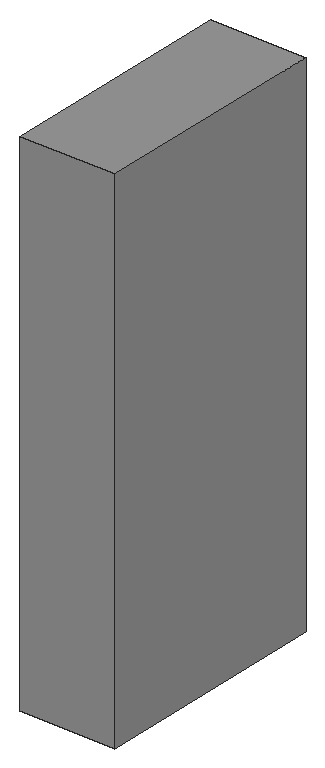
Revit family "PRE080026-FR", category Appareils sanitaires, Revit 2017
Family settings
  Cote de connecteur circulaire = Utiliser le diamètre
  Type d'élément = Normal
  Basée sur le plan de construction = Non
  Toujours verticalement = Oui
  Couper avec des vides une fois chargée = Non
  Partagée = Non
  Point de calcul de pièce = Non
Parameters (values of type "70828 PRESTO CHEF Colonne deux trous sur plage avec douchette et bec de remplissage")
  Variantes = "70828"
  Product data url = "https://www.bimobject.com/presto/product/pre080026"
  Product Guid = "75823008-ad45-4655-8c87-8420e3ee1b5c"
  LC = 15 mm
  Garantie = ""
  URL Fabricant = "http://www.prestodatashare.com/centretelechargement/index.php?lang=FR&refs=70828"
  URL = "http://www.prestodatashare.com/centretelechargement/index.php?lang=FR&refs=70828"
  Lien notice d'utilisation = "http://www.prestodatashare.com/centretelechargement/index.php?lang=FR&refs=70828"
  Lien fiche produit = "http://www.prestodatashare.com/espacedoc/Fiches_Techniques/FR/70828.pdf"
  Reference = "70828"
  Pression = ""
  Polantis code = "PRE080026"
  Perte de charge = 0.0 Pa
  Profondeur = 543 mm
  Modèle = "70828 PRESTO CHEF Colonne deux trous sur plage avec douchette et bec de remplissage"
  Matériau = Laiton poli chromé
  Lien CCTP = "http://www.prestodatashare.com/centretelechargement/index.php?lang=FR&refs=70828"
  Largeur = 215 mm
  PC = 150 mm
  Hauteur = 1171 mm
  Fonction = "Robinet tête céramique 1/4 de tour avec bec de remplissage Lg 300 mm - orientable\nDouchette noire M 1/2'' avec surface de préhension limitant les risques de brûlures\nDébit de douchette : 12L/Min (régulé) - Jet réglable par l'utilisateur : concentré ou mouillage - Embout de douchette anti-tartre - Crochet de blocage pour écoulement\ncontinu - clapet anti-retour NF intégré\nBrise-jet anti-tartre interchangeable\nRessort de guidage pour flexible en inox\nSupport mural réglable, recoupable de 60 à 200 mm (de la colonne au mur)\nSupport de douchette ajustable à gauche ou à droite\n\nPression d'utilisation recommandée : 1 à 5 bars\n\nDébit : 30L/min à 3 bar\n\nAlimentation hydraulique : G 1/2'' (15x 21)\n\nMatière et couleur de finition :\nCorps, bec et colonne en laiton chromé\nMatière conforme avec la liste \"UBA\"\n\nRésistance thermique : Résiste à une température de 75° C durant 30 minutes (dans le cadre de chocs thermiques).\n\nLivré avec :\nColonnettes avec écrou\n2 filtres\n1 flexible (de douchette) tressé inox entouré d'une gaine PVC, résistant à des températures allant jusqu'à 90°C. Température d'utilisation en service à 70°C maximum\nen continu"
  Flux = 0.0316667 L/s
  Finition = "Corps en laiton chromé conforme aux normes NF EN1982/ NF EN 12164 / NF EN 12165\nTraitement de surface Nickel-Chrome selon NF EN12540\nRésistance au brouillard salin neutre (NSS) : 200 h selon NF ISO 9240"
  Fabricant = "LES ROBINETS PRESTO S.A."
  Edition number = 0
  Diamètre Nominal = 15 mm
  Description = "Produit résistant à un usage intensif\nSouplesse du ressort\nDouchette ergonomique avec fonction écoulement continu, et surface de préhension limitant les risques de brûlure. Embout permettant d'absorber les chocs\nRemplissage rapide de cuves : 30L/min à 3 bar\nInterface corps/colonne renforcé\nVolants intuitifs et ergonomiques : facilité de préhension\nSupport mural réglable\nCrochet de blocage pour éviter les TMS (trouble musculo squeletiques)\nFlexible de douchette gaine PVC pour éviter les niches bactériennes et faciliter le nettoyage\nMaintenance aisée : présence d'une fente sous la pastile rouge/bleue permettant le passage d'un tournevis\nFacilité de maintenance : disponibilité de toutes les pièces d'usure\nBrise-jet pour canaliser l'eau et éviter les projections d'eau latérales"
  Debit = "1,9l/min avec limiteur de débit intégré\r (sprayer)\r\n Dispositif anti-coup de bélier\r\r\n Brise-jet : anti-vandalisme et anti-bouchage"
  Raccordement = "2xG1/2 entraxe 150 dessous milieu"
  Adresse = "7, RUE RACINE - 92542 MONTROUGE CEDEX FRANCE"
Reference planes
  plane 1 "Centre (avant/arrière)": y = 0
  plane 2: z = 0
  plane 3 "Centre (gauche/droite)": x = 0
  plane 4: y = -543
  plane 5: x = 215
  plane 6: z = 1171
  plane 7: x = 107.5
  plane 8: z = 1
  plane 9: y = -150
  plane 10: x = 15
  plane 11: x = 200
Forms (mm)
  Extrusion 1, solid, material "Laiton poli chromé" <- "Matériau", detail levels fine
    sketch origin (0, 0, 0) x (1, 0, 0) y (0, 1, 0)
      loop
        line (0, 0) -> (0, -543) -> (215, -543) -> (215, 0) -> (0, 0)
    from 0 to 1171
  Extrusion 2, solid, material "Laiton poli chromé" <- "Matériau", detail levels fine
    sketch origin (0, 0, 0) x (1, 0, 0) y (0, 1, 0)
      loop
        circle (15, -150) r 5
    from 0 to 1
  Extrusion 3, solid, material "Laiton poli chromé" <- "Matériau", detail levels fine
    sketch origin (0, 0, 0) x (1, 0, 0) y (0, 1, 0)
      loop
        circle (200, -150) r 5
    from 0 to 1
Cuts and joins
  joined: Extrusion 1, Extrusion 2, Extrusion 3
Dimensions and locks
  "Profondeur": plane 1 "Centre (avant/arrière)" to plane 4
  "Largeur": plane 3 "Centre (gauche/droite)" to plane 5
  "Hauteur": plane 6 to level
  equal spacing: plane 3 "Centre (gauche/droite)", plane 7, plane 5
  locked: plane 8 to plane 2 at 1
  "PC": plane 1 "Centre (avant/arrière)" to plane 9
  "LC": plane 3 "Centre (gauche/droite)" to plane 10
  "LC": plane 11 to plane 5
  aligned and locked: level to plane 2
  aligned and locked: plane 1 "Centre (avant/arrière)" to Extrusion 1 sketch curve
  aligned and locked: plane 3 "Centre (gauche/droite)" to Extrusion 1 sketch curve
  aligned and locked: plane 4 to Extrusion 1 sketch curve
  aligned and locked: plane 5 to Extrusion 1 sketch curve
  aligned and locked: plane 6 to Extrusion 1
  aligned and locked: plane 8 to Extrusion 2
  aligned and locked: plane 8 to Extrusion 3
  aligned and locked: nested 1 to plane 9
  aligned and locked: plane 7 to nested 1
  aligned and locked: plane 6 to nested 2
  aligned and locked: plane 7 to nested 2
  aligned and locked: nested 2 to plane 4
Automatic sketch dimensions
  Extrusion 2 sketch curve to plane 9 = 0 mm
  Extrusion 2 sketch curve to plane 10 = 0 mm
  Extrusion 3 sketch curve to plane 9 = 0 mm
  Extrusion 3 sketch curve to plane 11 = 0 mm
  radius of Extrusion 2 sketch curve = 5 mm
  radius of Extrusion 3 sketch curve = 5 mm
Nested families
  nested 1: "SymboliqueA6" at (0, -150, 0) x (0, 1, 0) z (0, 0, 1), type "SymboliqueA6", detail levels coarse+medium
  nested 2: "S2DA6" at (215, -271.5, 0) x (0, 1, 0) z (0, 0, 1), type "S2DA6", detail levels coarse+medium
Connectors
  piping at (15, -150, 0), diameter 15, driven by "Diamètre Nominal", driven by "Flux", driven by "Perte de charge"
    settings: on Extrusion 2, index 3, connector inside diameter 609.6 mm, connector length 0 mm, flow factor 0, pipe flow 0.0316667 L/s, pressure drop 0.0 Pa, fitting loss kfactor 0, connector angle 0.00°, fixture units 0, engagement length 0 mm, angle of deflection 0.00°, flow configuration 0, flow direction 1, fitting loss method 4, system type 19, joint type 0, gender type 0, connector reference index -1, connector utility 0, adjustable connector no, is connector primary yes, connector description ""
  piping at (200, -150, 0), diameter 15, driven by "Flux", driven by "Perte de charge", driven by "Diamètre Nominal"
    settings: on Extrusion 3, index 4, connector inside diameter 609.6 mm, connector length 0 mm, flow factor 0, pipe flow 0.0316667 L/s, pressure drop 0.0 Pa, fitting loss kfactor 0, connector angle 0.00°, fixture units 0, engagement length 0 mm, angle of deflection 0.00°, flow configuration 0, flow direction 1, fitting loss method 4, system type 20, joint type 0, gender type 0, connector reference index -1, connector utility 0, adjustable connector no, is connector primary no, connector description ""
Definition of nested family "SymboliqueA6"
  Parameters (values of type "SymboliqueA6")
    V = yes
    P = 1000 mm
    L = 1000 mm
    H = 1000 mm
  Reference planes
    plane 1 "Centre (avant/arrière)": y = 0
    plane 2: z = 0
    plane 3 "Centre (gauche/droite)": x = 0
    plane 4: y = -1000
    plane 5: x = -500
    plane 6: x = 500
    plane 7: z = 1000
    plane 8: z = 500
    plane 9: y = -500
  Lines and regions (mm)
    model lines
      curve 1: line (0, -1000, 1000) -> (0, 0, 0)
      curve 2: line (0, 0, 0) -> (0, -1000, 0)
      curve 3: line (0, -1000, 0) -> (0, 0, 1000)
      curve 4: line (0, 0, 1000) -> (0, -1000, 1000)
  Dimensions and locks
    "H": plane 7 to plane 2
    equal spacing: plane 5, plane 3 "Centre (gauche/droite)", plane 6
    "L": plane 5 to plane 6
    equal spacing: plane 7, plane 8, level
    equal spacing: plane 4, plane 9, plane 1 "Centre (avant/arrière)"
    "P": plane 1 "Centre (avant/arrière)" to plane 4
    aligned and locked: level to plane 2
  Automatic sketch dimensions
    curve 3 to level = 0 mm
    curve 1 to plane 1 "Centre (avant/arrière)" = 0 mm
    curve 1 to plane 7 = 0 mm
    curve 3 to plane 4 = 0 mm
    curve 3 to plane 1 "Centre (avant/arrière)" = 0 mm
    curve 4 to plane 4 = 0 mm
Definition of nested family "S2DA6"
  Parameters (values of type "S2DA6")
    P = 788.322 mm
    L = 1600 mm
    H = 1250.021 mm
  Reference planes
    plane 1 "Centre (avant/arrière)": y = 0
    plane 2: z = 0
    plane 3 "Centre (gauche/droite)": x = 0
    plane 4: y = 788.322
    plane 5: x = -800
    plane 6: x = 800
    plane 7: y = 394.161
    plane 8: z = 1250.021
    plane 9: z = 625.01
  Lines and regions (mm)
    symbolic lines
      curve 1: line (-800, 788.322, 0) -> (800, 0, 0)
      curve 2: line (800, 0, 0) -> (800, 788.322, 0)
      curve 3: line (800, 788.322, 0) -> (-800, 0, 0)
      curve 4: line (-800, 0, 0) -> (-800, 788.322, 0)
      curve 5: line (800, 0, 1250.021) -> (-800, 0, 1250.021)
      curve 6: line (-800, 0, 1250.021) -> (800, 0, 0)
      curve 7: line (800, 0, 0) -> (-800, 0, 0)
      curve 8: line (800, 0, 1250.021) -> (-800, 0, 0)
      curve 9: line (0, 788.322, 0) -> (0, 0, 1250.021)
      curve 10: line (0, 0, 1250.021) -> (0, 788.322, 1250.021)
      curve 11: line (0, 788.322, 1250.021) -> (0, 0, 0)
      curve 12: line (0, 0, 0) -> (0, 788.322, 0)
  Dimensions and locks
    equal spacing: plane 5, plane 3 "Centre (gauche/droite)", plane 6
    equal spacing: plane 1 "Centre (avant/arrière)", plane 7, plane 4
    "P": plane 1 "Centre (avant/arrière)" to plane 4
    "L": plane 5 to plane 6
    equal spacing: plane 8, plane 9, level
    "H": plane 8 to plane 2
    aligned and locked: level to plane 2
  Automatic sketch dimensions
    plane 1 "Centre (avant/arrière)" to curve 3 = 0 mm
    curve 1 to plane 4 = 0 mm
    curve 3 to plane 4 = 0 mm
    plane 1 "Centre (avant/arrière)" to curve 2 = 0 mm
    curve 3 to plane 6 = 0 mm
    curve 4 to plane 5 = 0 mm
    curve 10 to plane 1 "Centre (avant/arrière)" = 0 mm
    curve 10 to plane 8 = 0 mm
    curve 11 to plane 4 = 0 mm
    curve 12 to level = 0 mm
    curve 12 to plane 1 "Centre (avant/arrière)" = 0 mm
    curve 12 to plane 4 = 0 mm
    plane 5 to curve 5 = 0 mm
    curve 8 to level = 0 mm
    plane 5 to curve 8 = 0 mm
    plane 6 to curve 7 = 0 mm
    plane 6 to curve 8 = 0 mm
    curve 6 to plane 8 = 0 mm
